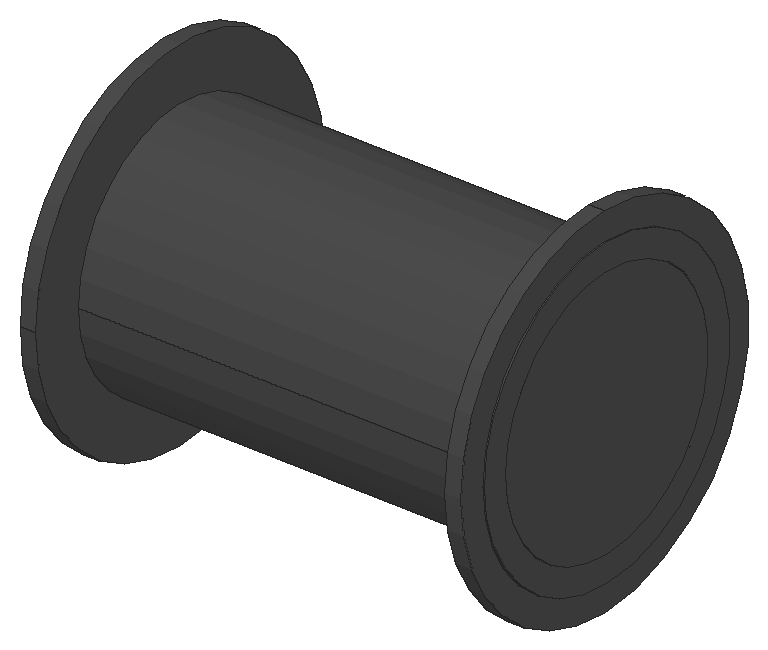
Revit family "Duc_FLA_Toco", category Pipe Fittings, Revit 2025
Family settings
  Round Connector Dimension = Use Diameter
  Part Type = Union
  Work Plane-Based = Yes
  Always vertical = No
  Cut with Voids When Loaded = No
  Shared = Yes
Parameters
  Tabela [instance] = "Duc_FLA_Tocos"
  PN [instance] = "10"
  Nominal Diameter [instance] = 400.0 mm
  Material_Conexao = FoFo
  Manufacturer = "SGC"
  Loss Method = Not Defined
  K Coefficient Table = "Converging/Diverging Tee/Wye"
  Description = "Toco com flanges"
  Default Elevation = 0.0 mm
  Corpo_L [instance] = size_lookup(Tabela, "Corpo_L", 700.0 mm, Nominal Diameter)  # 700.0 mm
  Corpo_E [instance] = size_lookup(Tabela, "Corpo_E", 16.0 mm, Nominal Diameter)  # 21.5 mm
  Corpo_D [instance] = size_lookup(Tabela, "Corpo_D", 220.0 mm, Nominal Diameter)  # 565.0 mm
Reference planes
  plane 1 "EixoP": y = 0
  plane 2: z = 0
  plane 3 "EixoS": x = 468.25
  plane 4 "EE": x = 118.25
  plane 5 "ED": x = 818.25
Forms (mm)
  Sweep 1, solid, material "FoFo" <- "Material_Conexao"
    path origin (560, 0, 0) x (1, 0, 0) y (0, 1, 0)
      loop
        line (-441.75, 0) -> (258.25, 0)
    profile origin (468.25, 0, 0) x (0, 1, 0) y (0, 0, 1)
      loop
        circle (0, 0) r 200
Dimensions and locks
  "Corpo_L": plane 4 "EE" to plane 5 "ED"
  equal spacing: plane 4 "EE", plane 3 "EixoS", plane 5 "ED"
  "Nominal Diameter": diameter of Sweep 1 sketch curve
  aligned and locked: Sweep 1 sketch curve to plane 1 "EixoP"
  aligned and locked: plane 5 "ED" to Sweep 1 sketch curve
  aligned and locked: nested 2 to plane 2
  aligned and locked: nested 1 to plane 1 "EixoP"
  aligned and locked: plane 2 to nested 1
  aligned and locked: nested 2 to plane 4 "EE"
  aligned and locked: nested 1 to plane 5 "ED"
Automatic sketch dimensions
  Sweep 1 sketch curve to plane 4 "EE" = 0.0 mm
  Sweep 1 sketch curve to level = 0.0 mm
  Sweep 1 sketch curve to profile plane = 0.0 mm
Nested families
  nested 1: "Duc_FLA_Flanges" at (818.25, 0, 0) x (0, 0, 1) z (1, 0, 0), Nominal Diameter <- "Nominal Diameter", type "Duc_FLA_Flanges"
    with Tabela "Duc_FLA_Flanges", PN "10", Nominal Diameter 400.0 mm, Flange_Ressalto 4.0 mm, Flange_RF 257.5 mm, Flange_QF "16", Flange_MA 11.25°, Flange_DG 480.0 mm, Flange_DFuro 28.0 mm, Flange_DF 515.0 mm, Flange_D 565.0 mm, Flange_AnguloFuros 22.50°, Flange_Altura 24.5 mm
  nested 2: "Duc_FLA_Flanges" at (118.25, 0, 0) x (0, -1, 0) z (-1, 0, 0), Nominal Diameter <- "Nominal Diameter", type "Duc_FLA_Flanges"
    with Tabela "Duc_FLA_Flanges", PN "10", Nominal Diameter 400.0 mm, Flange_Ressalto 4.0 mm, Flange_RF 257.5 mm, Flange_QF "16", Flange_MA 11.25°, Flange_DG 480.0 mm, Flange_DFuro 28.0 mm, Flange_DF 515.0 mm, Flange_D 565.0 mm, Flange_AnguloFuros 22.50°, Flange_Altura 24.5 mm
Connectors
  piping at (818.25, 0, 0), diameter 400, driven by "Nominal Diameter"
    settings: on Sweep 1, index 1, connector inside diameter 609.6 mm, connector length 0.0 mm, flow factor 0, pipe flow 0 L/h, pressure drop 0 Pa, fitting loss kfactor 0, connector angle 0.00°, fixture units 0, engagement length 0.0 mm, angle of deflection 0.00°, flow configuration 0, flow direction 0, fitting loss method 0, system type 28, joint type 0, gender type 0, connector reference index -1, connector utility 0, adjustable connector no, is connector primary yes, connector description ""
  piping at (118.25, 0, 0), diameter 400, driven by "Nominal Diameter"
    settings: on Sweep 1, index 2, connector inside diameter 609.6 mm, connector length 0.0 mm, flow factor 0, pipe flow 0 L/h, pressure drop 0 Pa, fitting loss kfactor 0, connector angle 0.00°, fixture units 0, engagement length 0.0 mm, angle of deflection 0.00°, flow configuration 0, flow direction 0, fitting loss method 0, system type 28, joint type 0, gender type 0, connector reference index -1, connector utility 0, adjustable connector no, is connector primary no, connector description ""
Definition of nested family "Duc_FLA_Flanges"
  Parameters (values of type "Duc_FLA_Flanges")
    Tabela [instance] = "Duc_FLA_Flanges"
    PN [instance] = "10"
    Nominal Diameter [instance] = 100.0 mm
    Material_Conexao = none
    Manufacturer = "SGC"
    Flange_Ressalto [instance] = size_lookup(Tabela, "FRessalto", 3.0 mm, Nominal Diameter, PN)  # 3.0 mm
    Flange_RF [instance] = Flange_DF / 2  # 90.0 mm
    Flange_QF [instance] = size_lookup(Tabela, "QF", "4", Nominal Diameter, PN)  # "8"
    Flange_MA [instance] = size_lookup(Tabela, "MA", 45.00°, Nominal Diameter, PN)  # 22.50°
    Flange_DG [instance] = size_lookup(Tabela, "FG", 99.0 mm, Nominal Diameter, PN)  # 156.0 mm
    Flange_DF [instance] = size_lookup(Tabela, "FC", 125.0 mm, Nominal Diameter, PN)  # 180.0 mm
    Flange_D [instance] = size_lookup(Tabela, "FD", 165.0 mm, Nominal Diameter, PN)  # 220.0 mm
    Flange_AnguloFuros [instance] = size_lookup(Tabela, "AF", 90.00°, Nominal Diameter, PN)  # 45.00°
    Flange_Altura [instance] = size_lookup(Tabela, "FAltura", 19.0 mm, Nominal Diameter, PN)  # 19.0 mm
    Description = "Flange"
    Default Elevation = 0.0 mm
    Flange_DFuro [instance] = size_lookup(Tabela, "DFuro", 19.0 mm, Nominal Diameter, PN)  # 19.0 mm
  Reference planes
    plane 1 "Centro (Frente/Trás)": y = 0
    plane 2: z = 0
    plane 3 "Centro (Esquerda/Direita)": x = 0
    plane 4: z = -3
    plane 5: z = -22
  Forms (mm)
    Extrusion 1, solid, material <- "Material_Conexao"
      sketch origin (0, 0, 0) x (1, 0, 0) y (0, 1, 0)
        loop
          circle (0, 0) r 110
      from -22 to -3
    Extrusion 2, solid, material <- "Material_Conexao"
      sketch origin (0, 0, 0) x (1, 0, 0) y (0, 1, 0)
        loop
          circle (0, 0) r 78
      from 0 to -3
    Extrusion 3, void
      sketch origin (0, 0, 0) x (1, 0, 0) y (0, 1, 0)
        loop
          circle (0, 0) r 50
      from -22 to 0
  Cuts and joins
    Extrusion 3 cuts Extrusion 1
    Extrusion 3 cuts Extrusion 2
    joined: Extrusion 1, Extrusion 2
  Lines and regions (mm)
    model lines
      curve 1: line (-40, 0, 0) -> (40, 0, 0)
      curve 2: line (0, 40, 0) -> (0, -40, 0)
    reference lines
      curve 3: line (0, 0, 0) -> (83.149, 34.442, 0)
  Dimensions and locks
    "Flange_Ressalto": plane 2 to plane 4
    "Flange_Altura": plane 4 to plane 5
    "Flange_RF": curve 3 to curve 3
    "Flange_D": diameter of Extrusion 1 sketch curve
    "Flange_DG": diameter of Extrusion 2 sketch curve
    "Nominal Diameter": diameter of Extrusion 3 sketch curve
    "Flange_MA": angle plane 1 "Centro (Frente/Trás)" to curve 3
    aligned and locked: plane 2 to level
    aligned and locked: Extrusion 1 to plane 5
    aligned and locked: cut or joined group of Extrusion 1, Extrusion 2, Extrusion 3 to plane 4
    aligned and locked: plane 4 to cut or joined group of Extrusion 1, Extrusion 2, Extrusion 3
    aligned and locked: cut or joined group of Extrusion 1, Extrusion 2, Extrusion 3 to Extrusion 3
    aligned and locked: level to Extrusion 3
    aligned and locked: Extrusion 2 to Extrusion 1
    aligned and locked: level to Extrusion 2
    aligned and locked: plane 3 "Centro (Esquerda/Direita)" to curve 3
    aligned and locked: plane 1 "Centro (Frente/Trás)" to curve 3
  Automatic sketch dimensions
    plane 1 "Centro (Frente/Trás)" to curve 1 = 0.0 mm
    curve 1 to plane 3 "Centro (Esquerda/Direita)" = 40.0 mm
    plane 3 "Centro (Esquerda/Direita)" to curve 1 = 40.0 mm
    plane 1 "Centro (Frente/Trás)" to curve 2 = 40.0 mm
    curve 2 to plane 1 "Centro (Frente/Trás)" = 40.0 mm
    curve 2 to plane 3 "Centro (Esquerda/Direita)" = 0.0 mm
    plane 1 "Centro (Frente/Trás)" to Extrusion 1 sketch curve = 0.0 mm
    Extrusion 1 sketch curve to plane 3 "Centro (Esquerda/Direita)" = 0.0 mm
    plane 1 "Centro (Frente/Trás)" to Extrusion 2 sketch curve = 0.0 mm
    Extrusion 2 sketch curve to plane 3 "Centro (Esquerda/Direita)" = 0.0 mm
    plane 1 "Centro (Frente/Trás)" to Extrusion 3 sketch curve = 0.0 mm
    Extrusion 3 sketch curve to plane 3 "Centro (Esquerda/Direita)" = 0.0 mm
